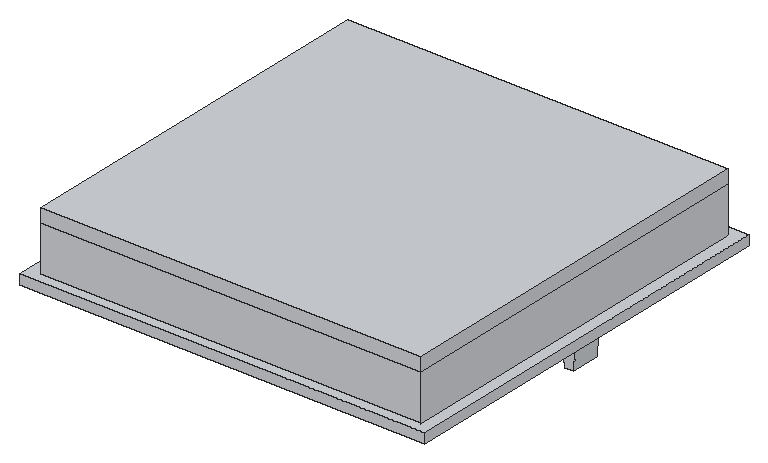
Revit family "Gira_028766", category Electrical Fixtures, host Face, Revit 2017
Family settings
  Host = Face
  Maintain Annotation Orientation = No
  Round Connector Dimension = Use Diameter
  Part Type = Normal
  Cut with Voids When Loaded = No
  Shared = No
  Room Calculation Point = No
Parameters (values of type "Rocker sym.door Gira TX_44 (WP FM) p.white")
  With exchangeable lens/symbol = "No"
  URL = "http://katalog.gira.de/en/datenblatt.html?artikelnr=028766"
  Suitable for touch sensor connector for bus system = "No"
  Scannable symbol / barrier free = "No"
  Name = "Rocker sym.door Gira TX_44 (WP FM) p.white"
  Monitoring window/light outlet = "Yes"
  Model = "Single rocker"
  Manufacturer URL = "https://www.gira.de/"
  Manufacturer = "Gira"
  Keynote = ""
  HeinzeBIM = "https://bimportal.heinze.de/bim/rocker-sym-door-gira-tx-44-wp-fm-p-white/8cbd848fa40692c4ba4449b837f30c3f516c35ea"
  HAN = "028766"
  GTIN = "4010337287667"
  Description = "Rock.sym.door TX_44 PW,Rocker with symbol,Door,pure white,Notes :,- Theft-prevention implemented via optional screw-in clamp piece. This makes plugging of cover frame unnecessary."
  Default Elevation = 1219.2 mm
  Data sheet (1) = "https://katalog.gira.de/en/download.html?artikelnr=028766"
  Category = "Control element/cover plate for domestic switching devices"
  BIM (1) = "https://media.stage.bim.site/public/gira/36a6b08/TX44_Abdeckung_Schalten und Tasten.rfa?public/gira/36a6b08/TX44_Abdeckung_Schalten und Tasten.rfa"
  Available = "No"
Reference planes
  plane 1 "Center (Front/Back)": y = 0
  plane 2: z = 0
  plane 3 "Center (Left/Right)": x = 0
Forms (mm)
  Extrusion 1, solid, detail levels fine
    sketch origin (0, 0, 0) x (1, 0, 0) y (0, 1, 0)
      loop
        line (34.85, 34.85) -> (-34.85, 34.85) -> (-34.85, -34.85) -> (34.85, -34.85) -> (34.85, 34.85)
      loop
        line (-31.45, 31.8) -> (-31.45, -31.8) -> (31.45, -31.8) -> (31.45, 31.8) -> (-31.45, 31.8)
    from 0 to 1.7
  Extrusion 2, solid, detail levels fine
    sketch origin (0, 0, 0) x (1, 0, 0) y (0, 1, 0)
      loop
        line (32.8, 33.05) -> (-32.8, 33.05) -> (-32.8, -33.05) -> (32.8, -33.05) -> (32.8, 33.05)
      loop
        line (-31.45, 31.8) -> (-31.45, -31.8) -> (31.45, -31.8) -> (31.45, 31.8) -> (-31.45, 31.8)
    from 1.566 to 9.515
  Extrusion 3, solid, detail levels fine
    sketch origin (0, 0, 0) x (1, 0, 0) y (0, 1, 0)
      loop
        line (32.8, 33.05) -> (-32.8, 33.05) -> (-32.8, -33.05) -> (32.8, -33.05) -> (32.8, 33.05)
    from 9.515 to 11.816
  Extrusion 4, solid, detail levels fine
    sketch origin (0, 0, 0) x (1, 0, 0) y (0, 0, 1)
      loop
        line (-32.815, 0) -> (-34.827, 0) -> (-34.611, -3.084) -> (-33.031, -3.084) -> (-32.815, 0)
      loop
        line (32.815, 0) -> (33.031, -3.084) -> (34.611, -3.084) -> (34.827, 0) -> (32.815, 0)
    from -2.513 to 2.5
  Extrusion 5, solid, detail levels fine
    sketch origin (0, 0, 0) x (1, 0, 0) y (0, 1, 0)
      loop
        spline (-23.686, 23.152) -> (-23.856, 23.114) -> (-24.022, 23.062) -> (-24.184, 22.995) -> (-24.338, 22.915) -> (-24.486, 22.821) -> (-24.624, 22.715) -> (-24.753, 22.597) -> (-24.87, 22.468) -> (-24.977, 22.33) -> (-25.07, 22.183) -> (-25.151, 22.028) -> (-25.218, 21.867)
        line (-25.218, 21.867) -> (-29.35, 10.513) -> (-29.35, -10.487) -> (-25.218, -21.841)
        spline (-25.218, -21.841) -> (-25.151, -22.002) -> (-25.07, -22.156) -> (-24.977, -22.304) -> (-24.87, -22.442) -> (-24.753, -22.571) -> (-24.624, -22.688) -> (-24.486, -22.795) -> (-24.338, -22.888) -> (-24.184, -22.969) -> (-24.022, -23.036) -> (-23.856, -23.088) -> (-23.686, -23.126)
        line (-23.686, -23.126) -> (0, -27.302) -> (23.686, -23.126)
        spline (23.686, -23.126) -> (23.856, -23.088) -> (24.022, -23.036) -> (24.184, -22.969) -> (24.338, -22.888) -> (24.486, -22.795) -> (24.624, -22.688) -> (24.753, -22.571) -> (24.87, -22.442) -> (24.977, -22.304) -> (25.07, -22.156) -> (25.151, -22.002) -> (25.218, -21.841)
        line (25.218, -21.841) -> (29.35, -10.487) -> (29.35, 10.513) -> (25.218, 21.867)
        spline (25.218, 21.867) -> (25.151, 22.028) -> (25.07, 22.183) -> (24.977, 22.33) -> (24.87, 22.468) -> (24.753, 22.597) -> (24.624, 22.715) -> (24.486, 22.821) -> (24.338, 22.915) -> (24.184, 22.995) -> (24.022, 23.062) -> (23.856, 23.114) -> (23.686, 23.152)
        line (23.686, 23.152) -> (0, 27.328) -> (-23.686, 23.152)
      loop
        line (-24.278, 21.525) -> (-28.35, 10.337) -> (-28.35, -10.311) -> (-24.278, -21.498)
        spline (-24.278, -21.498) -> (-24.245, -21.579) -> (-24.204, -21.656) -> (-24.157, -21.73) -> (-24.104, -21.799) -> (-24.045, -21.863) -> (-23.981, -21.922) -> (-23.912, -21.976) -> (-23.838, -22.022) -> (-23.761, -22.063) -> (-23.68, -22.096) -> (-23.597, -22.122) -> (-23.512, -22.141)
        line (-23.512, -22.141) -> (0, -26.287) -> (23.512, -22.141)
        spline (23.512, -22.141) -> (23.597, -22.122) -> (23.68, -22.096) -> (23.761, -22.063) -> (23.838, -22.022) -> (23.912, -21.976) -> (23.981, -21.922) -> (24.045, -21.863) -> (24.104, -21.799) -> (24.157, -21.73) -> (24.204, -21.656) -> (24.245, -21.579) -> (24.278, -21.498)
        line (24.278, -21.498) -> (28.35, -10.311) -> (28.35, 10.337) -> (24.278, 21.525)
        spline (24.278, 21.525) -> (24.245, 21.605) -> (24.204, 21.683) -> (24.157, 21.756) -> (24.104, 21.825) -> (24.045, 21.89) -> (23.981, 21.949) -> (23.912, 22.002) -> (23.838, 22.048) -> (23.761, 22.089) -> (23.68, 22.122) -> (23.597, 22.148) -> (23.512, 22.167)
        line (23.512, 22.167) -> (0, 26.313) -> (-23.512, 22.167)
        spline (-23.512, 22.167) -> (-23.597, 22.148) -> (-23.68, 22.122) -> (-23.761, 22.089) -> (-23.838, 22.048) -> (-23.912, 22.002) -> (-23.981, 21.949) -> (-24.045, 21.89) -> (-24.104, 21.825) -> (-24.157, 21.756) -> (-24.204, 21.683) -> (-24.245, 21.605) -> (-24.278, 21.525)
    from 4.866 to 9.515
  Extrusion 6, solid, detail levels fine
    sketch origin (0, 0, 0) x (1, 0, 0) y (0, 1, 0)
      loop
        arc (0, 8.51) -> (-1.055, 8.223) -> (-1.717, 7.352) r 1.7
        line (-1.717, 7.352) -> (-2.205, 5.894) -> (-2.205, 4.213) -> (-4.36, 4.213)
        arc (-4.36, 4.213) -> (-4.865, 4.091) -> (-5.257, 3.75) r 1.1
        arc (-5.257, 3.75) -> (-6.02, 2.328) -> (-6.406, 0.761) r 6.45
        arc (-6.406, 0.761) -> (-6.7, 0.013) -> (-6.406, -0.735) r 1.1
        arc (-6.406, -0.735) -> (-6.02, -2.302) -> (-5.257, -3.724) r 6.45
        arc (-5.257, -3.724) -> (-4.865, -4.064) -> (-4.36, -4.187) r 1.1
        line (-4.36, -4.187) -> (-2.1, -4.187) -> (-2.1, -5.243)
        arc (-2.1, -5.243) -> (-1.847, -5.944) -> (-1.206, -6.323) r 1.1
        arc (-1.206, -6.323) -> (0, -6.437) -> (1.206, -6.323) r 6.45
        arc (1.206, -6.323) -> (1.847, -5.944) -> (2.1, -5.243) r 1.1
        line (2.1, -5.243) -> (2.1, -4.187) -> (4.36, -4.187)
        arc (4.36, -4.187) -> (4.865, -4.064) -> (5.257, -3.724) r 1.1
        arc (5.257, -3.724) -> (6.02, -2.302) -> (6.406, -0.735) r 6.45
        arc (6.406, -0.735) -> (6.7, 0.013) -> (6.406, 0.761) r 1.1
        arc (6.406, 0.761) -> (6.02, 2.328) -> (5.257, 3.75) r 6.45
        arc (5.257, 3.75) -> (4.865, 4.091) -> (4.36, 4.213) r 1.1
        line (4.36, 4.213) -> (2.205, 4.213) -> (2.205, 5.894) -> (1.717, 7.352)
        arc (1.717, 7.352) -> (1.055, 8.223) -> (0, 8.51) r 1.7
    from -6.834 to 9.515
  Extrusion 7, solid, detail levels coarse
    sketch origin (0, 0, 0) x (1, 0, 0) y (0, 1, 0)
      loop
        line (34.85, 34.85) -> (-34.85, 34.85) -> (-34.85, -34.85) -> (34.85, -34.85) -> (34.85, 34.85)
    from -6.834 to 11.816
  Extrusion 8, solid, detail levels medium
    sketch origin (0, 0, 0) x (1, 0, 0) y (0, 1, 0)
      loop
        line (32.8, 33.05) -> (-32.8, 33.05) -> (-32.8, -33.05) -> (32.8, -33.05) -> (32.8, 33.05)
    from 1.566 to 11.816
  Extrusion 9, solid, detail levels medium
    sketch origin (0, 0, 0) x (1, 0, 0) y (0, 1, 0)
      loop
        line (34.85, 34.85) -> (-34.85, 34.85) -> (-34.85, -34.85) -> (34.85, -34.85) -> (34.85, 34.85)
    from 0 to 1.7
  Extrusion 10, solid, detail levels medium
    sketch origin (0, 0, 0) x (1, 0, 0) y (0, 1, 0)
      loop
        circle (0, 1.036) r 7.473
    from -6.834 to 9.515
  Extrusion 11, solid, detail levels medium
    sketch origin (0, 0, 0) x (1, 0, 0) y (0, 0, 1)
      loop
        line (-32.815, -3.084) -> (-32.815, 0) -> (-34.827, 0) -> (-34.827, -3.084) -> (-32.815, -3.084)
      loop
        line (32.815, -3.084) -> (34.827, -3.084) -> (34.827, 0) -> (32.815, 0) -> (32.815, -3.084)
    from -2.513 to 2.5
Dimensions and locks
  aligned and locked: plane 2 to host face
  aligned and locked: level to host face
